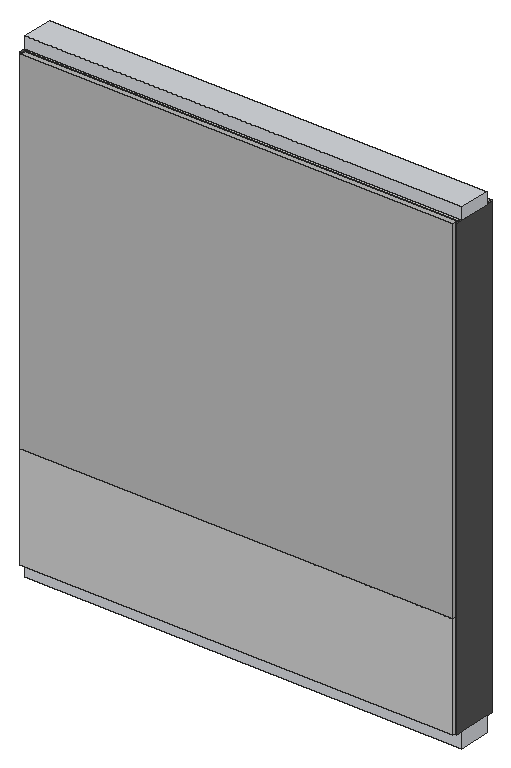
Revit family "Haworth_Enclose_Wall_Solid_Special", category Furniture Systems, Revit 2018
Family settings
  Round Connector Dimension = Use Diameter
  Part Type = Normal
  OmniClass Number = 23.25.40.14
  OmniClass Title = Demountable Partitions
  Work Plane-Based = No
  Always vertical = Yes
  Cut with Voids When Loaded = No
  Shared = Yes
  Room Calculation Point = No
Parameters (values of type "36" x 40"")
  Warranty = "http://www.haworth.com/resources/product-info/warranties"
  URL - Product = "http://www.haworth.com/products/architectural-interiors/moveable-walls/enclose"
  Type Comments = ""
  Sustainability Info = "http://www.haworth.com/company-info/sustainablility"
  Raceway Finish = Haworth _ Metal _ Brushed Aluminum
  Panel 3 Front Finish [instance] = Haworth _ Paint _ Smoke
  Panel 3 Back Finish [instance] = Haworth _ Paint _ Smoke
  Panel 2 Front Finish [instance] = Haworth _ Paint _ Smoke
  Panel 2 Back Finish [instance] = Haworth _ Paint _ Smoke
  Panel 1 Front Finish [instance] = Haworth _ Paint _ Smoke
  Panel 1 Back Finish [instance] = Haworth _ Paint _ Smoke
  Model = "Haworth - Enclose"  # constant formula
  Frame Finish = Haworth _ Metal _ Brushed Aluminum
  End of Run Finish = Haworth _ Polymer _ Black
  Description = "Wall Solid - Special"  # constant formula
  Ceiling Mount = yes
  Panel Size Note = "8in increments"  # constant formula
  Panel Height Note = "All Heights are A.F.F."  # constant formula
  Raceway Panel Width = Actual Width - (2 * End of Run Width)  # 35.69"
  Raceway Panel Front Height = 8.59"  # constant formula
  Raceway Panel Front = yes
  Raceway Panel Back Height = 8.59"  # constant formula
  Raceway Panel Back = yes
  Panel Height Back = if(Raceway Panel Back, (Actual Height - Cap Height - Base Height - Raceway Panel Back Height), (Actual Height - Cap Height - Base Height))  # 29.16"
  Offset Back = if(Raceway Panel Back, Raceway Panel Back Height + Base Height, Base Height)  # 9.84"
  Offset Front = if(Raceway Panel Front, Raceway Panel Front Height + Base Height, Base Height)  # 9.84"
  Max # of Panels = 3  # constant formula
  Material Options = "http://surfaces.haworth.com/haworth-surface-collection"
  Width = 36"
  Vertical Frame Width = 0.875"  # constant formula
  URL = "www.haworth.com"
  Size = "Verify Final Dim. w/ Haworth"  # constant formula
  Revision Number = "4"  # constant formula
  Panel Width = Actual Width - (2 * End of Run Width)  # 35.69"
  Panel Height Front = if(Raceway Panel Front, (Actual Height - Cap Height - Base Height - Raceway Panel Front Height), (Actual Height - Cap Height - Base Height))  # 29.16"
  Panel Depth = 0.5"  # constant formula
  Min/Max Width = "8-60 in."  # constant formula
  Min/Max Height = "84-144 in."  # constant formula
  Horizontal Top Trim Width = 1.5"  # constant formula
  Horizontal Top Adjuster Width = Cap Height + Horizontal Top Trim Width + 0.125"  # 2.625"
  Horizontal Bottom Adjuster Width = Base Height + Horizontal Bottom Trim Width + 0.125"  # 3.875"
  Glass Offset = Horizontal Bottom Adjuster Width + Horizontal Frame Width  # 4.75"
  Min. Width = 8"  # constant formula
  Max. Width = 60"  # constant formula
  Min. Height = 24"  # constant formula
  Max. Height = 144"  # constant formula
  Manufacturer = "Haworth"  # constant formula
  Horizontal Frame Width = 0.875"  # constant formula
  Horizontal Bottom Trim Width = 2.5"  # constant formula
  Height = 40"
  End of Run Width = 0.155"  # constant formula
  Frame Depth = 4"  # constant formula
  End of Run Right Width [instance] = if(End of Run Right, 1.845", End of Run Width)  # 0.155"
  End of Run Right [instance] = no
  End of Run Left Width [instance] = if(End of Run Left, 1.845", End of Run Width)  # 0.155"
  End of Run Left [instance] = no
  Cap Height = 1"  # constant formula
  Base Height = 1.25"  # constant formula
  Author = "Haworth (Hampton), SHAPE Environments, LLC"  # constant formula
  Assembly Code = "C1010200"
  Actual Width = if(Width < Min. Width, Min. Width, if(Width > Max. Width, Max. Width, Width))  # 36"
  Actual Height = if(Height < Min. Height, Min. Height, if(Height > Max. Height, Max. Height, Height))  # 40"
  Actual # of Panels Front = if(# of Panels Front > Max # of Panels, Max # of Panels, if(# of Panels Front < 1, 1, # of Panels Front))  # 1
  Actual # of Panels Back = if(# of Panels Back > Max # of Panels, Max # of Panels, if(# of Panels Back < 1, 1, # of Panels Back))  # 1
  # of Panels Front = 1
  # of Panels Back = 1
  Actual Panel 2 Front Height = if(Panel 2 Front Height < Actual Panel 1 Front Height + 8", Actual Panel 1 Front Height + 8", if(Panel 2 Front Height > Actual Height - 8", Actual Height - 8", Panel 2 Front Height))  # 32"
  Actual Panel 1 Front Height = if(Panel 1 Front Height < 8" + Offset Front, 8" + Offset Front, if(and(# of Panels Front = 3, Panel 1 Front Height > Actual Height - 16"), Actual Height - 16", if(and(# of Panels Front = 2, Panel 1 Front Height > Actual Height - 8"), Actual Height - 8", if(and(# of Panels Front = 1, Panel 1 Front Height > Actual Height), Actual Height, Panel 1 Front Height))))  # 32"
  Actual Panel 2 Back Height = if(Panel 2 Back Height < Actual Panel 1 Back Height + 8", Actual Panel 1 Back Height + 8", if(Panel 2 Back Height > Actual Height - 8", Actual Height - 8", Panel 2 Back Height))  # 32"
  Actual Panel 1 Back Height = if(Panel 1 Back Height < 8" + Offset Back, 8" + Offset Back, if(and(# of Panels Back = 3, Panel 1 Back Height > Actual Height - 16"), Actual Height - 16", if(and(# of Panels Back = 2, Panel 1 Back Height > Actual Height - 8"), Actual Height - 8", if(and(# of Panels Back = 1, Panel 1 Back Height > Actual Height), Actual Height, Panel 1 Back Height))))  # 32"
  Panel 2 Front Height = 64"
  Panel 1 Front Height = 32"
  Panel 2 Back Height = 64"
  Panel 1 Back Height = 32"
Reference planes (in)
  plane 1 "Center F/B": y = -0.17786
  plane 2: z = 0
  plane 3 "Center L/R": x = -2.36364
  plane 4 "Left": x = -20.36364
  plane 5 "Right": x = 15.63636
  plane 6 "Top": z = 40
  plane 7 "Back": y = 1.82214
  plane 8 "Front": y = -2.17786
  plane 9 "Left Frame Outside": x = -20.20864
  plane 10 "Left Frame Inside": x = -19.33364
  plane 11 "Right Frame Outside": x = 15.48136
  plane 12 "Right Frame Inside": x = 14.60636
  plane 13 "End of Run Right": x = 15.63636
  plane 14 "End of Run Left": x = -20.36364
  plane 15 "Top Frame Outside": z = 37.375
  plane 16 "Top Trim Outside": z = 39
  plane 17 "Top Frame Inside": z = 36.5
  plane 18 "Bottom Frame Outside": z = 3.875
  plane 19 "Bottom Adjuster": z = 1.25
  plane 20 "Bottom Frame Inside": z = 4.75
  plane 21 "Raceway Top Front": z = 9.84
  plane 22 "Raceway Top Back": z = 9.84
Forms (in)
  Sweep 1, solid, material "Haworth _ Polymer _ Black" <- "End of Run Finish"
    path origin (0, -0.17786, 0) x (1, 0, 0) y (0, 0, 1)
      loop
        line (-20.20864, 39) -> (-20.20864, 1.25)
    profile "Haworth_Enclose - Postcap : Left" origin (-20.20864, -0.17786, 20.125) x (1, 0, 0) y (0, -1, 0)
      loop
        line (0, 1.805) -> (-0.155, 1.805) -> (-0.155, -1.805) -> (0, -1.805) -> (0, 1.805)
  Sweep 2, solid, material "Haworth _ Polymer _ Black" <- "End of Run Finish"
    path origin (0, -0.17786, 0) x (1, 0, 0) y (0, 0, 1)
      loop
        line (15.48136, 39) -> (15.48136, 1.25)
    profile "Haworth_Enclose - Postcap : Right" origin (15.48136, -0.17786, 20.125) x (1, 0, 0) y (0, -1, 0)
      loop
        line (0, 1.805) -> (0, -1.805) -> (0.155, -1.805) -> (0.155, 1.805) -> (0, 1.805)
  Sweep 3, solid, visible <- "Ceiling Mount"
    path origin (0, -0.17786, 0) x (1, 0, 0) y (0, 0, 1)
      loop
        line (-20.36364, 40) -> (15.63636, 40)
    profile "Haworth_Enclose - Horizontal_Track : Ceiling" origin (-2.36364, -0.17786, 40) x (0, 0, 1) y (0, -1, 0)
      loop
        line (0, 1.28) -> (-1, 1.28) -> (-1, -1.28) -> (0, -1.28) -> (0, 1.28)
  Sweep 4, solid
    path origin (0, -0.17786, 0) x (1, 0, 0) y (0, 0, 1)
      loop
        line (15.63636, 0) -> (-20.36364, 0)
    profile "Haworth_Enclose - Horizontal_Track : Base" origin (-2.36364, -0.17786, 0) x (0, 0, -1) y (0, -1, 0)
      loop
        line (0, 1.28) -> (-1.25, 1.28) -> (-1.25, -1.28) -> (0, -1.28) -> (0, 1.28)
  Sweep 5, solid, material "Haworth _ Metal _ Brushed Aluminum" <- "Frame Finish"
    path origin (0, -0.17786, 0) x (1, 0, 0) y (0, 0, 1)
      loop
        line (-20.20864, 39) -> (15.48136, 39)
    profile "Haworth_Enclose - Horizontal_Trim : Top" origin (-2.36364, -0.17786, 39) x (0, 0, 1) y (0, -1, 0)
      loop
        line (0, 1.5) -> (-1.43, 1.5) -> (-1.43, 1.305) -> (-1.625, 1.305) -> (-1.625, -1.305) -> (-1.43, -1.305) -> (-1.43, -1.5) -> (0, -1.5) -> (0, 1.5)
Lines and regions (in)
  Masking region 1
    outline origin (0, 0, 0) x (1, 0, 0) y (0, 1, 0)
      loop
        line (-20.36364, 1.82214) -> (-20.36364, -2.17786) -> (15.63636, -2.17786) -> (15.63636, 1.82214) -> (-20.36364, 1.82214)
  symbolic lines, style "Haworth", detail levels medium+fine
    curve 1: line (-19.33364, 1.32214, 0) -> (-19.33364, -1.67786, 0)
    curve 2: line (14.60636, 1.32214, 0) -> (14.60636, -1.67786, 0)
    curve 3: line (-20.36364, 1.32214, 0) -> (15.63636, 1.32214, 0)
    curve 4: line (15.63636, -1.67786, 0) -> (-20.36364, -1.67786, 0)
Dimensions and locks (in)
  equal spacing: plane 4 "Left", plane 3 "Center L/R", plane 5 "Right"
  "Actual Width": plane 4 "Left" to plane 5 "Right"
  "End of Run Width": plane 4 "Left" to plane 9 "Left Frame Outside"
  "Vertical Frame Width": plane 9 "Left Frame Outside" to plane 10 "Left Frame Inside"
  "End of Run Width": plane 11 "Right Frame Outside" to plane 5 "Right"
  "End of Run Right Width": plane 11 "Right Frame Outside" to plane 13 "End of Run Right"
  "End of Run Left Width": plane 14 "End of Run Left" to plane 9 "Left Frame Outside"
  "Vertical Frame Width": plane 12 "Right Frame Inside" to plane 11 "Right Frame Outside"
  equal spacing: plane 7 "Back", plane 1 "Center F/B", plane 8 "Front"
  "Frame Depth": plane 7 "Back" to plane 8 "Front"
  "Actual Height": plane 6 "Top" to level
  "Cap Height": plane 6 "Top" to plane 16 "Top Trim Outside"
  "Horizontal Frame Width": plane 15 "Top Frame Outside" to plane 17 "Top Frame Inside"
  "Base Height": plane 19 "Bottom Adjuster" to level
  "Horizontal Frame Width": plane 20 "Bottom Frame Inside" to plane 18 "Bottom Frame Outside"
  "Horizontal Bottom Adjuster Width": plane 18 "Bottom Frame Outside" to plane 2
  "Horizontal Top Adjuster Width": plane 6 "Top" to plane 15 "Top Frame Outside"
  "Raceway Panel Front Height": plane 21 "Raceway Top Front" to plane 19 "Bottom Adjuster"
  "Raceway Panel Back Height": plane 19 "Bottom Adjuster" to plane 22 "Raceway Top Back"
  aligned and locked: Sweep 1 sketch curve to plane 9 "Left Frame Outside"
  aligned and locked: Sweep 2 sketch curve to plane 11 "Right Frame Outside"
  aligned and locked: plane 13 "End of Run Right" to Sweep 3 sketch curve
  aligned and locked: plane 14 "End of Run Left" to Sweep 3 sketch curve
  aligned and locked: plane 14 "End of Run Left" to Sweep 4 sketch curve
  aligned and locked: plane 13 "End of Run Right" to Sweep 4 sketch curve
  aligned and locked: plane 2 to Sweep 4 sketch curve
  aligned and locked: Sweep 3 sketch curve to plane 6 "Top"
  aligned and locked: Masking region 1 sketch curve to plane 7 "Back"
  aligned and locked: plane 8 "Front" to Masking region 1 sketch curve
  aligned and locked: plane 19 "Bottom Adjuster" to Sweep 1 sketch curve
  aligned and locked: plane 16 "Top Trim Outside" to Sweep 1 sketch curve
  aligned and locked: plane 16 "Top Trim Outside" to Sweep 2 sketch curve
  aligned and locked: plane 19 "Bottom Adjuster" to Sweep 2 sketch curve
  aligned and locked: plane 3 "Center L/R" to nested 1
  aligned and locked: plane 8 "Front" to nested 1
  aligned and locked: nested 2 to plane 3 "Center L/R"
  aligned and locked: plane 7 "Back" to nested 2
  aligned and locked: curve 1 to plane 10 "Left Frame Inside"
  aligned and locked: curve 2 to plane 12 "Right Frame Inside"
  aligned and locked: nested 2 to curve 1
  aligned and locked: nested 1 to curve 2
  aligned and locked: nested 1 to plane 19 "Bottom Adjuster"
  aligned and locked: plane 19 "Bottom Adjuster" to nested 2
  aligned and locked: curve 3 to nested 2
  aligned and locked: plane 14 "End of Run Left" to curve 3
  aligned and locked: plane 14 "End of Run Left" to curve 4
  aligned and locked: curve 4 to nested 1
  aligned and locked: plane 13 "End of Run Right" to curve 3
  aligned and locked: plane 13 "End of Run Right" to curve 4
  aligned and locked: plane 3 "Center L/R" to nested 3
  aligned and locked: plane 8 "Front" to nested 3
  aligned and locked: nested 4 to plane 3 "Center L/R"
  aligned and locked: plane 7 "Back" to nested 4
  aligned and locked: Masking region 1 to plane 14 "End of Run Left"
  aligned and locked: plane 13 "End of Run Right" to Masking region 1
  aligned and locked: plane 16 "Top Trim Outside" to nested 3
  aligned and locked: nested 4 to plane 16 "Top Trim Outside"
  aligned and locked: Sweep 5 sketch curve to plane 16 "Top Trim Outside"
  aligned and locked: plane 9 "Left Frame Outside" to Sweep 5 sketch curve
  aligned and locked: plane 11 "Right Frame Outside" to Sweep 5 sketch curve
Automatic sketch dimensions
  Masking region 1 sketch curve to plane 4 "Left" = 0"
  plane 5 "Right" to Masking region 1 sketch curve = 0"
Nested families (in)
  nested 1: "Haworth_Enclose - Panel_Solid" at (-3.54385, -1.89763, 1.25), visible <- "Raceway Panel Front", Panel Height <- "Raceway Panel Front Height", type "Raceway Panel"
    with Panel Height 8.59"
  nested 2: "Haworth_Enclose - Panel_Solid" at (-3.54385, 1.5419, 1.25), visible <- "Raceway Panel Back", Panel Height <- "Raceway Panel Back Height", type "Raceway Panel"
    with Panel Height 8.59"
  nested 3: "Haworth_Enlcose - Panel_Solid-Tiles" at (-3.54385, -1.89763, 9.84), Panel 3 Finish <- "Panel 3 Front Finish", Panel 2 Finish <- "Panel 2 Front Finish", Panel 1 Finish <- "Panel 1 Front Finish", # of Panels <- "Actual # of Panels Front", built-in parameter 1001364 <- "Offset Front", type "Front"
    with Panel 3 Finish Haworth _ Paint _ Smoke, Panel 2 Finish Haworth _ Paint _ Smoke, Panel 1 Finish Haworth _ Paint _ Smoke, Actual # of Panels 1, 3 Panel no, 2 Panel no, 1 Panel yes, # of Panels 1, Actual 2H 22.16", 2H 32", Actual Height 29.16"
  nested 4: "Haworth_Enlcose - Panel_Solid-Tiles" at (-3.54385, 1.5419, 9.84), Panel 3 Finish <- "Panel 3 Back Finish", Panel 2 Finish <- "Panel 2 Back Finish", Panel 1 Finish <- "Panel 1 Back Finish", # of Panels <- "Actual # of Panels Back", built-in parameter 1001364 <- "Offset Back", type "Back"
    with Panel 3 Finish Haworth _ Paint _ Smoke, Panel 2 Finish Haworth _ Paint _ Smoke, Panel 1 Finish Haworth _ Paint _ Smoke, Actual # of Panels 1, 3 Panel no, 2 Panel no, 1 Panel yes, # of Panels 1, Actual 2H 22.16", 2H 32", Actual Height 29.16"
Definition of nested family "Haworth_Enclose - Panel_Solid"
  Parameters
    URL = "www.haworth.com"
    Revision Number = "1"  # constant formula
    Revision Date = ""
    Panel Width = 35.69"
    Panel Height [instance] = 8"
    Panel Finish = none
    Panel Depth = 0.5"
    Manufacturer = "Haworth"  # constant formula
    Author = "SHAPE Environments, LLC"  # constant formula
    Assembly Code = ""
  Reference planes (in)
    plane 1 "Center F/B": y = -0.03024
    plane 2: z = 0
    plane 3 "Center L/R": x = 1.1802
    plane 4 "Left": x = -16.6648
    plane 5 "Right": x = 19.0252
    plane 6 "Back": y = 0.21976
    plane 7 "Front": y = -0.28024
    plane 8 "Top": z = 8
  Forms (in)
    Extrusion 1, solid, material <- "Panel Finish"
      sketch origin (0, -0.03024, 0) x (1, 0, 0) y (0, 0, 1)
        loop
          line (-16.6648, 8) -> (-16.6648, 0) -> (19.0252, 0) -> (19.0252, 8) -> (-16.6648, 8)
      from -0.25 to 0.25
  Dimensions and locks (in)
    "Panel Height": plane 8 "Top" to level
    equal spacing: plane 6 "Back", plane 1 "Center F/B", plane 7 "Front"
    "Panel Depth": plane 6 "Back" to plane 7 "Front"
    equal spacing: plane 4 "Left", plane 3 "Center L/R", plane 5 "Right"
    "Panel Width": plane 4 "Left" to plane 5 "Right"
    aligned and locked: plane 4 "Left" to Extrusion 1 sketch curve
    aligned and locked: Extrusion 1 sketch curve to plane 8 "Top"
    aligned and locked: level to Extrusion 1 sketch curve
    aligned and locked: Extrusion 1 sketch curve to plane 5 "Right"
    aligned and locked: plane 6 "Back" to Extrusion 1
    aligned and locked: Extrusion 1 to plane 7 "Front"
Definition of nested family "Haworth_Enlcose - Panel_Solid-Tiles"
  Parameters
    URL = "www.haworth.com"
    Revision Number = "1"  # constant formula
    Revision Date = ""
    Panel Width = 35.69"
    Panel Depth = 0.5"
    Offset = 9.84"
    Panel 3 Finish [instance] = none
    Actual 2H = [2H] - Offset  # 54.16"
    Actual 1H = [1H] - Offset  # 22.16"
    Actual # of Panels [instance] = if(# of Panels > 3, 3, # of Panels)  # 3
    3 Panel [instance] = Actual # of Panels = 3  # yes
    2H = 64"
    Panel 2 Finish [instance] = none
    2 Panel [instance] = Actual # of Panels = 2  # no
    1H = 32"
    Panel 1 Finish [instance] = none
    1 Panel [instance] = Actual # of Panels = 1  # no
    Manufacturer = "Haworth"  # constant formula
    Author = "SHAPE Environments, LLC"  # constant formula
    Assembly Code = ""
    Actual Height = 97.16"
    # of Panels [instance] = 3
  Reference planes (in)
    plane 1 "Center F/B": y = -0.03024
    plane 2 "Bottom": z = 0
    plane 3 "Center L/R": x = 1.1802
    plane 4 "Left": x = -16.6648
    plane 5 "Right": x = 19.0252
    plane 6 "Back": y = 0.21976
    plane 7 "Front": y = -0.28024
    plane 8 "Top": z = 97.16
    plane 9: z = 54.16
    plane 10: z = 22.16
  Forms (in)
    Extrusion 1, solid, material <- "Panel 1 Finish"
      sketch origin (0, -0.03024, -6.5) x (1, 0, 0) y (0, 0, 1)
        loop
          line (-16.6648, 103.66) -> (-16.6648, 6.5) -> (19.0252, 6.5) -> (19.0252, 103.66) -> (-16.6648, 103.66)
      from -0.25 to 0.25
  Dimensions and locks (in)
    equal spacing: plane 6 "Back", plane 1 "Center F/B", plane 7 "Front"
    "Panel Depth": plane 6 "Back" to plane 7 "Front"
    equal spacing: plane 4 "Left", plane 3 "Center L/R", plane 5 "Right"
    "Panel Width": plane 4 "Left" to plane 5 "Right"
    "Actual 1H": plane 10 to level
    "Actual 2H": plane 9 to level
    "Actual Height": plane 8 "Top" to plane 2 "Bottom"
  Automatic sketch dimensions
    Extrusion 1 sketch curve to plane 5 "Right" = 0"
    Extrusion 1 sketch curve to plane 4 "Left" = 0"
    Extrusion 1 sketch curve to plane 8 "Top" = 0"
    level to Extrusion 1 sketch curve = 0"
